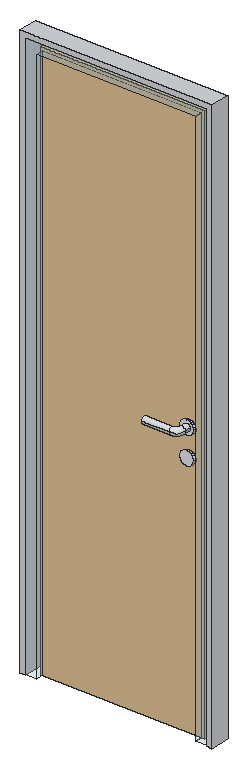
Revit family "AC_Дверь_Однопольная_Деревянная", category Двери, Revit 2019
Family settings
  Основа = Стена
  Номер OmniClass = 23.30.10.00
  Заголовок OmniClass = Doors
  Всегда вертикально = Да
  При загрузке вырезать с полостями = Нет
  Общий = Нет
  Точка расчета площади = Нет
Parameters (values of type "660х2080h")
  Функция = 1
  Угол плане 30 [instance] = yes
  Тип полотна двери = АС-Полотно : Глухое
  Ручка двери = none
  Рама двери_Ширина справа = 150 mm
  Рама двери_Ширина слева = 150 mm
  Рама двери_Ширина внизу = 300 mm
  Рама двери_Ширина вверху = 150 mm
  Рама двери = none
  Полотно_Ширина = Rough Width - Коробка_Ширина * 2  # 600 mm
  Полотно_Высота = Rough Height - Коробка_Ширина  # 2050 mm
  Откосы_Ширина [instance] = 30 mm
  ADSK_Обозначение = "ГОСТ 475-2016"
  Наличник двери = none
  Аналитическая конструкция = "<Нет>"
  ADSK_Этаж [instance] = ""
  ADSK_Примечание [instance] = ""
  ADSK_Позиция [instance] = ""
  ADSK_Наименование = "ДМ 1 Рп 21х7 Г ПрБ"
  Монтажный зазор_Сверху толщина [instance] = 20 mm
  Коробка_Ширина = 30 mm
  Коробка_Толщина = 70 mm
  Правая = yes
  Полотно двери = none
  Остекление двери = none
  Наличник_Ширина [instance] = 60 mm
  Наличник_Толщина [instance] = 10 mm
  Наличник снаружи [instance] = no
  Наличник внутри [instance] = no
  Монтажный зазор_Сбоку толщина [instance] = 20 mm
  Вставка_Глубина [instance] = 0 mm
  Левая = not(Правая)  # no
  Инструкция по семейству [instance] = ""
  Огибание наружных слоев [instance] = 0 mm
  Width [instance] = Rough Width + Монтажный зазор_Сбоку толщина * 2  # 700 mm
  Thickness = 40 mm
  Rough Width = 660 mm
  Rough Height = 2080 mm
  Model = ""
  Manufacturer = ""
  Wall Closure = (empty or 0)
  Height [instance] = Rough Height + Монтажный зазор_Сверху толщина  # 2100 mm
  Описание = "Дверь деревянная глухая межкомнатная"
  Тип конструкций = "Дверь деревянная"
  ADSK_Предел огнестойкости = ""
  ADSK_Открывание = if(Правая, "Правая", "Левая")  # "Правая"
  ADSK_Наименование краткое = ""
  ADSK_Масса_Текст = ""
  ADSK_Количество [instance] = 0
  ADSK_Код изделия = ""
  ADSK_Зона [instance] = ""
  ADSK_Завод-изготовитель = ""
  ADSK_Единица измерения = ""
  ADSK_Группирование [instance] = ""
  ADSK_Версия Revit = "v2019"  # constant formula
  ADSK_URL страницы изделия = ""
  ADSK_URL документации изделия = ""
Reference planes
  plane 1: y = 0
  plane 2 "По центру (Влево/Вправо)": x = 0
  plane 3 "Слева": x = -350
  plane 4 "Справа": x = 350
  plane 5: z = 2100
  plane 6 "Наружный": y = 50
  plane 7 "Внутренние": y = -50
  plane 8 "Вставка двери": y = 50
  plane 9 "Четверть сверху": z = 1950
  plane 10 "Полотно двери": y = 10
  plane 11 "Рама внутри": y = -20
  plane 12 "Монтажный зазор слева": x = -330
  plane 13 "Монтажный зазор справа": x = 330
  plane 14 "Монтажный зазор сверху": z = 2080
  plane 15 "Глубина огибания наружного слоя": y = 50
  plane 16: y = 60
  plane 17: y = -60
  plane 18: x = -300
  plane 19: x = 300
  plane 20: z = 1025
  plane 21 "Верх полотна": z = 2050
Forms (mm)
  Sweep 1, solid, material <- "Наличник двери", visible <- "Наличник снаружи", detail levels fine
    path origin (0, 50, 0) x (1, 0, 0) y (0, 0, 1)
      loop
        line (-350, 0) -> (-350, 2100) -> (350, 2100) -> (350, 0)
    profile origin (-350, 50, 1050) x (-1, 0, 0) y (0, -1, 0)
      loop
        line (-20, 0) -> (-20, -5)
        arc (-20, -5) -> (-18.536, -8.536) -> (-15, -10) r 5
        line (-15, -10) -> (35, -10)
        arc (35, -10) -> (38.536, -8.536) -> (40, -5) r 5
        line (40, -5) -> (40, 0) -> (-20, 0)
  Sweep 2, solid, material <- "Наличник двери", visible <- "Наличник внутри", detail levels fine
    path origin (0, -50, 0) x (1, 0, 0) y (0, 0, 1)
      loop
        line (-350, 0) -> (-350, 2100) -> (350, 2100) -> (350, 0)
    profile origin (-350, -50, 1050) x (-1, 0, 0) y (0, -1, 0)
      loop
        line (-20, 0) -> (40, 0) -> (40, 5)
        arc (40, 5) -> (38.536, 8.536) -> (35, 10) r 5
        line (35, 10) -> (-15, 10)
        arc (-15, 10) -> (-18.536, 8.536) -> (-20, 5) r 5
        line (-20, 5) -> (-20, 0)
  Sweep 3, solid, material <- "Рама двери", detail levels medium+fine
    path origin (0, 50, 0) x (-1, 0, 0) y (0, 0, 1)
      loop
        line (330, 0) -> (330, 2080) -> (-330, 2080) -> (-330, 0)
    profile origin (330, 50, 1040) x (0, 1, 0) y (-1, 0, 0)
      loop
        line (0, 0) -> (0, 30) -> (-40, 30) -> (-40, 40) -> (-70, 40) -> (-70, 0) -> (0, 0)
  Sweep 4, solid, material <- "Наличник двери", visible <- "Наличник внутри", detail levels fine
    path origin (0, -20, 0) x (-1, 0, 0) y (0, 0, 1)
      loop
        line (350, 0) -> (350, 2100) -> (-350, 2100) -> (-350, 0)
    profile origin (-350, -20, 1050) x (1, 0, 0) y (0, 1, 0)
      loop
        line (0, -35) -> (20, -35) -> (20, 0) -> (0, 0) -> (0, -35)
  Sweep 5, solid, material <- "Наличник двери", visible <- "Наличник снаружи", detail levels fine
    path origin (0, 50, 0) x (-1, 0, 0) y (0, 0, 1)
      loop
        line (350, 0) -> (350, 2100) -> (-350, 2100) -> (-350, 0)
    profile origin (350, 50, 1050) x (0, 1, 0) y (-1, 0, 0)
      loop
        line (5, 0) -> (5, 20) -> (0, 20) -> (0, 0) -> (5, 0)
  Extrusion 6, solid, material <- "Рама двери", detail levels medium+fine
    sketch origin (-2514.822, 50, 1200) x (-1, 0, 0) y (0, 0, 1)
      loop
        line (-2864.822, 900) -> (-2864.822, -1200) -> (-2844.822, -1200) -> (-2844.822, 880) -> (-2184.822, 880) -> (-2184.822, -1200) -> (-2164.822, -1200) -> (-2164.822, 900) -> (-2864.822, 900)
    from 0 to -70
  Extrusion 7, solid, material <- "Полотно двери", detail levels coarse
    sketch origin (0, 0, 0) x (1, 0, 0) y (0, 1, 0)
      loop
        line (-350, 50) -> (-350, -20) -> (350, -20) -> (350, 50) -> (-350, 50)
    from 0 to 2100
Cuts and joins
  joined: Sweep 2, Sweep 4
  joined: Sweep 1, Sweep 5
Lines and regions (mm)
  Masking region 1, detail levels fine
    outline origin (0, 0, 0) x (0, 1, 0) y (0, 0, 1)
      loop
        line (-20, 2040) -> (10, 2040) -> (10, 2050) -> (50, 2050) -> (50, 2080) -> (-20, 2080) -> (-20, 2040)
  Masking region 2, detail levels fine
    outline origin (0, 0, 0) x (0, 1, 0) y (0, 0, 1)
      loop
        line (50, 2080) -> (50, 2100) -> (-20, 2100) -> (-20, 2080) -> (50, 2080)
  Masking region 3, detail levels fine
    outline origin (0, 0, 0) x (0, 1, 0) y (0, 0, 1)
      loop
        line (50, 0) -> (50, 2050) -> (10, 2050) -> (10, 0) -> (50, 0)
  Masking region 4, detail levels fine
    outline origin (0, 0, 0) x (0, 1, 0) y (0, 0, 1)
      loop
        line (-20, 2040) -> (-20, 0) -> (10, 0) -> (10, 2040) -> (-20, 2040)
  Masking region 5, detail levels coarse+medium
    outline origin (0, 0, 0) x (0, 1, 0) y (0, 0, 1)
      loop
        line (50, 0) -> (50, 2100) -> (-20, 2100) -> (-20, 0) -> (50, 0)
  Opening 1
    outline origin (-5000, -50, 0) x (1, 0, 0) y (0, 0, 1)
      loop
        line (5350, 2100) -> (4650, 2100) -> (4650, 0) -> (5350, 0) -> (5350, 2100)
  symbolic lines, style "Открывание", visible <- "Правая", detail levels medium
    curve 1: line (-300, 50, 0) -> (300, 50, 1025)
    curve 2: line (300, 50, 1025) -> (-300, 50, 2050)
  symbolic lines, style "Открывание", visible <- "Левая", detail levels medium
    curve 3: line (300, 50, 0) -> (-300, 50, 1025)
    curve 4: line (-300, 50, 1025) -> (300, 50, 2050)
Text (mm)
  text "Наружный" at (-2295.016, 1099.543, 0), in view "Опорный уровень "
  text "Наружный" at (0, 1615.38, 3698.081), in view "Слева"
  text "Наружный" at (0, 1036.032, 3874.932), in view "Справа"
Dimensions and locks
  equal spacing: plane 12 "Монтажный зазор слева", plane 2 "По центру (Влево/Вправо)", plane 13 "Монтажный зазор справа"
  "Width": plane 3 "Слева" to plane 4 "Справа"
  "Rough Height": host wall to plane 14 "Монтажный зазор сверху"
  "Height": host wall to plane 5
  locked: plane 6 "Наружный" to host wall at 0
  locked: plane 7 "Внутренние" to host wall
  plane 9 "Четверть сверху" to plane 5 = 150 mm
  "Вставка_Глубина": plane 6 "Наружный" to plane 8 "Вставка двери"
  "Коробка_Толщина": plane 8 "Вставка двери" to plane 11 "Рама внутри"
  "Thickness": plane 8 "Вставка двери" to plane 10 "Полотно двери"
  "Огибание наружных слоев": plane 6 "Наружный" to plane 15 "Глубина огибания наружного слоя"
  "Наличник_Ширина": Sweep 2 sketch curve to Sweep 2 sketch curve
  locked: Sweep 2 sketch curve to Sweep 2 sketch curve at 5  (x4)
  locked: Sweep 1 sketch curve to Sweep 1 sketch curve at 5
  "Коробка_Ширина": Sweep 3 sketch curve to profile plane
  locked: Sweep 3 sketch curve to Sweep 3 sketch curve at 10
  locked: Sweep 4 sketch curve to plane 17 at 5
  "Наличник_Толщина": plane 7 "Внутренние" to plane 17
  "Наличник_Толщина": plane 16 to plane 6 "Наружный"
  locked: plane 16 to Sweep 1 sketch curve at 5  (x2)
  locked: plane 16 to Sweep 5 sketch curve at 5
  "Откосы_Ширина": plane 7 "Внутренние" to plane 11 "Рама внутри"
  equal spacing: plane 3 "Слева", plane 2 "По центру (Влево/Вправо)", plane 4 "Справа"
  "Rough Width": plane 12 "Монтажный зазор слева" to plane 13 "Монтажный зазор справа"
  "Коробка_Ширина": plane 12 "Монтажный зазор слева" to plane 18
  "Коробка_Ширина": plane 19 to plane 13 "Монтажный зазор справа"
  equal spacing: level, plane 20, plane 21 "Верх полотна"
  "Коробка_Ширина": plane 21 "Верх полотна" to plane 14 "Монтажный зазор сверху"
  "Наличник_Ширина": Sweep 1 sketch curve to plane 12 "Монтажный зазор слева"
  locked: Sweep 1 sketch curve to plane 12 "Монтажный зазор слева" at 5
  aligned and locked: plane 1 to host wall
  aligned and locked: Sweep 2 sketch curve to plane 3 "Слева"
  aligned and locked: Sweep 2 sketch curve to plane 5
  aligned and locked: Sweep 2 sketch curve to plane 4 "Справа"
  aligned and locked: level to Sweep 2 sketch curve  (x2)
  aligned and locked: Sweep 2 sketch curve to plane 7 "Внутренние"
  aligned and locked: Sweep 3 sketch curve to plane 13 "Монтажный зазор справа"
  aligned and locked: Sweep 3 sketch curve to plane 14 "Монтажный зазор сверху"
  aligned and locked: Sweep 3 sketch curve to plane 12 "Монтажный зазор слева"
  aligned and locked: level to Sweep 3 sketch curve  (x2)
  aligned and locked: profile plane to Sweep 3 sketch curve
  aligned and locked: plane 11 "Рама внутри" to Sweep 3 sketch curve
  aligned and locked: plane 8 "Вставка двери" to Sweep 3 sketch curve
  aligned and locked: plane 10 "Полотно двери" to Sweep 3 sketch curve
  aligned and locked: Sweep 2 sketch curve to plane 12 "Монтажный зазор слева"
  aligned and locked: plane 3 "Слева" to Sweep 4 sketch curve
  aligned and locked: plane 5 to Sweep 4 sketch curve
  aligned and locked: plane 4 "Справа" to Sweep 4 sketch curve
  aligned and locked: level to Sweep 4 sketch curve  (x2)
  aligned and locked: Sweep 4 sketch curve to plane 3 "Слева"
  aligned and locked: Sweep 4 sketch curve to plane 12 "Монтажный зазор слева"
  aligned and locked: Sweep 4 sketch curve to plane 11 "Рама внутри"
  aligned and locked: profile plane to Sweep 1 sketch curve
  aligned and locked: level to Sweep 5 sketch curve  (x2)
  aligned and locked: plane 8 "Вставка двери" to Sweep 5 sketch curve
  aligned and locked: plane 17 to Sweep 2 sketch curve
  aligned and locked: plane 16 to Sweep 1 sketch curve
  aligned and locked: Masking region 1 sketch curve to Sweep 3  (x2)
  aligned and locked: plane 10 "Полотно двери" to Masking region 1 sketch curve
  aligned and locked: plane 11 "Рама внутри" to Masking region 1 sketch curve
  aligned and locked: plane 8 "Вставка двери" to Masking region 1 sketch curve
  aligned and locked: plane 14 "Монтажный зазор сверху" to Masking region 1 sketch curve
  aligned and locked: plane 8 "Вставка двери" to Masking region 2 sketch curve
  aligned and locked: plane 11 "Рама внутри" to Masking region 2 sketch curve
  aligned and locked: plane 14 "Монтажный зазор сверху" to Masking region 2 sketch curve
  aligned and locked: plane 5 to Masking region 2 sketch curve
  aligned and locked: plane 8 "Вставка двери" to Masking region 3 sketch curve
  aligned and locked: plane 10 "Полотно двери" to Masking region 3 sketch curve
  aligned and locked: level to Masking region 3 sketch curve
  aligned and locked: Masking region 3 sketch curve to Sweep 3
  aligned and locked: Masking region 4 sketch curve to Sweep 3
  aligned and locked: plane 11 "Рама внутри" to Masking region 4 sketch curve
  aligned and locked: plane 10 "Полотно двери" to Masking region 4 sketch curve
  aligned and locked: level to Masking region 4 sketch curve
  aligned and locked: plane 8 "Вставка двери" to Masking region 5 sketch curve
  aligned and locked: plane 11 "Рама внутри" to Masking region 5 sketch curve
  aligned and locked: plane 5 to Masking region 5 sketch curve
  aligned and locked: level to Masking region 5 sketch curve
  aligned and locked: Extrusion 6 sketch curve to plane 4 "Справа"
  aligned and locked: Extrusion 6 sketch curve to plane 3 "Слева"
  aligned and locked: Extrusion 6 sketch curve to plane 5
  aligned and locked: Extrusion 6 sketch curve to plane 14 "Монтажный зазор сверху"
  aligned and locked: Extrusion 6 sketch curve to plane 12 "Монтажный зазор слева"
  aligned and locked: Extrusion 6 sketch curve to plane 13 "Монтажный зазор справа"
  aligned and locked: Extrusion 6 sketch curve to level
  aligned and locked: Extrusion 6 to plane 11 "Рама внутри"
  aligned and locked: plane 8 "Вставка двери" to Extrusion 6
  aligned and locked: nested 1 to plane 8 "Вставка двери"
  aligned and locked: nested 1 to plane 3 "Слева"
  aligned and locked: nested 1 to plane 4 "Справа"
  aligned and locked: nested 2 to plane 4 "Справа"
  aligned and locked: nested 2 to plane 3 "Слева"
  aligned and locked: plane 8 "Вставка двери" to nested 2
  aligned and locked: nested 3 to plane 8 "Вставка двери"
  aligned and locked: nested 3 to plane 18
  aligned and locked: nested 3 to plane 19
  aligned and locked: nested 4 to plane 8 "Вставка двери"
  aligned and locked: nested 4 to plane 18
  aligned and locked: plane 8 "Вставка двери" to nested 5
  aligned and locked: nested 5 to plane 19
  aligned and locked: Extrusion 7 sketch curve to plane 8 "Вставка двери"
  aligned and locked: Extrusion 7 sketch curve to plane 11 "Рама внутри"
  aligned and locked: Extrusion 7 sketch curve to plane 4 "Справа"
  aligned and locked: Extrusion 7 sketch curve to plane 3 "Слева"
  aligned and locked: Extrusion 7 to level
  aligned and locked: Extrusion 7 to plane 5
  aligned and locked: curve 3 to Sweep 3
  aligned and locked: Sweep 3 to curve 1
  aligned and locked: plane 21 "Верх полотна" to curve 2
  aligned and locked: plane 21 "Верх полотна" to curve 4
  aligned and locked: plane 20 to curve 2
  aligned and locked: plane 20 to curve 4
  aligned and locked: level to curve 1
  aligned and locked: level to curve 3
  aligned and locked: plane 18 to curve 2
  aligned and locked: plane 19 to curve 4
  aligned and locked: plane 19 to curve 2
  aligned and locked: plane 18 to curve 4
  aligned and locked: plane 3 "Слева" to Sweep 1 sketch curve
  aligned and locked: plane 4 "Справа" to Sweep 1 sketch curve
  aligned and locked: plane 5 to Sweep 1 sketch curve
  aligned and locked: Sweep 1 sketch curve to plane 12 "Монтажный зазор слева"
  aligned and locked: Sweep 5 sketch curve to plane 3 "Слева"
  aligned and locked: Sweep 5 sketch curve to plane 4 "Справа"
  aligned and locked: plane 5 to Sweep 5 sketch curve
  aligned and locked: plane 4 "Справа" to Sweep 5 sketch curve
  aligned and locked: Sweep 5 sketch curve to plane 13 "Монтажный зазор справа"
  aligned and locked: plane 4 "Справа" to Opening 1 sketch curve
  aligned and locked: plane 3 "Слева" to Opening 1 sketch curve
  aligned and locked: plane 5 to Opening 1 sketch curve
  aligned and locked: level to Opening 1 sketch curve
Automatic sketch dimensions
  Sweep 1 sketch curve to level = 0 mm  (x2)
  Extrusion 6 sketch curve to level = 0 mm
Nested families
  nested 1: "АС-Однопольная-Обозначение на плане" at (0, 50, 0), Height <- "Height", Rough Width <- "Rough Width", Thickness <- "Thickness", Коробка.Толщина <- "Коробка_Толщина", Полотно.Ширина <- "Полотно_Ширина", visible <- "Левая", Width <- "Width", type "АС-Стандарт"
    with Полотно.Ширина 600 mm, Коробка.Толщина 70 mm, Width 700 mm, Thickness 40 mm, Rough Width 660 mm, Height 2100 mm, Открывание двери 90 no, Открывание двери 30 yes, Линия открывания (дуга) no
  nested 2: "АС-Однопольная-Обозначение на плане" at (0, 50, 0) x (-1, 0, 0) z (0, 0, 1), Height <- "Height", Rough Width <- "Rough Width", Thickness <- "Thickness", Коробка.Толщина <- "Коробка_Толщина", Полотно.Ширина <- "Полотно_Ширина", visible <- "Правая", Width <- "Width", type "АС-Стандарт"
    with Полотно.Ширина 600 mm, Коробка.Толщина 70 mm, Width 700 mm, Thickness 40 mm, Rough Width 660 mm, Height 2100 mm, Открывание двери 90 no, Открывание двери 30 yes, Линия открывания (дуга) no
  nested 3: "АС-Полотно" at (0, 50, 0), Рама.Ширина справа <- "Рама двери_Ширина справа", Рама.Ширина слева <- "Рама двери_Ширина слева", Рама.Ширина внизу <- "Рама двери_Ширина внизу", Рама.Ширина вверху <- "Рама двери_Ширина вверху", Полотно двери.Толщина <- "Thickness", Полотно двери.Высота <- "Полотно_Высота", Полотно двери.Ширина <- "Полотно_Ширина", type <- "Тип полотна двери", Фурнитура <- "Ручка двери", Полотно двери <- "Полотно двери", Остекление двери <- "Остекление двери", type "Глухое"
    with Фурнитура none, Рама.Ширина справа 150 mm, Рама.Ширина слева 150 mm, Рама.Ширина внизу 300 mm, Рама.Ширина вверху 150 mm, Полотно двери.Ширина 600 mm, Полотно двери.Толщина 40 mm, Полотно двери.Высота 2050 mm, Полотно двери none, Остекление двери none
  nested 4: "АС-Ручка двери" at (-300, 50, 0), Полотно двери.Толщина <- "Thickness", visible <- "Левая", Ручка двери <- "Ручка двери", type "АС-Стандарт"
    with Полотно двери.Толщина 40 mm, Отступ ручки от края 60 mm
  nested 5: "АС-Ручка двери" at (300, 50, 0) x (-1, 0, 0) z (0, 0, 1), Полотно двери.Толщина <- "Thickness", visible <- "Правая", Ручка двери <- "Ручка двери", type "АС-Стандарт"
    with Полотно двери.Толщина 40 mm, Отступ ручки от края 60 mm
Definition of nested family "АС-Полотно"
  Parameters
    Фурнитура [instance] = none
    Рама.Ширина справа [instance] = 50 mm
    Рама.Ширина слева [instance] = 50 mm
    Рама.Ширина внизу [instance] = 50 mm
    Рама.Ширина вверху [instance] = 50 mm
    Остекленное = not(Глухое)  # no
    Полотно двери.Ширина [instance] = 1000 mm
    Полотно двери.Толщина [instance] = 40 mm
    Полотно двери.Высота [instance] = 2100 mm
    Полотно двери [instance] = none
    Глухое = yes
    Остекление двери [instance] = none
    Default Elevation = 0 mm
  Reference planes
    plane 1 "Center (Front/Back)": y = 0
    plane 2: z = 0
    plane 3 "Center (Left/Right)": x = 0
    plane 4: x = -500
    plane 5: x = 500
    plane 6 "Back": y = -40
    plane 7: z = 2100
    plane 8 "Остекление снаружи": y = -8
    plane 9 "Остекление внутри": y = -32
    plane 10 "Ширина рамы справа": x = -450
    plane 11 "Ширина рамы слева": x = 450
    plane 12 "Ширина рамы внизу": z = 50
    plane 13 "Ширина рамы вверху": z = 2050
  Forms (mm)
    Extrusion 1, solid, material <- "Полотно двери", visible <- "Глухое", detail levels medium+fine
      sketch origin (0, 0, 0) x (1, 0, 0) y (0, 0, 1)
        loop
          line (-500, 2100) -> (-500, 0) -> (500, 0) -> (500, 2100) -> (-500, 2100)
      from 0 to 40 <- "Полотно двери.Толщина"
    Extrusion 2, solid, material <- "Полотно двери", visible <- "Остекленное", detail levels medium+fine
      sketch origin (0, 0, 0) x (1, 0, 0) y (0, 0, 1)
        loop
          line (-500, 2100) -> (-500, 0) -> (500, 0) -> (500, 2100) -> (-500, 2100)
        loop
          line (-450, 50) -> (450, 50) -> (450, 2050) -> (-450, 2050) -> (-450, 50)
      from 0 to 40
    Extrusion 3, solid, material <- "Остекление двери", visible <- "Остекленное", detail levels medium+fine
      sketch origin (-646.608, -8, 1200) x (-1, 0, 0) y (0, 0, 1)
        loop
          line (-196.608, 850) -> (-1096.608, 850) -> (-1096.608, -1150) -> (-196.608, -1150) -> (-196.608, 850)
      from 0 to -24
  Dimensions and locks
    "Полотно двери.Толщина": plane 1 "Center (Front/Back)" to plane 6 "Back"
    equal spacing: plane 4, plane 3 "Center (Left/Right)", plane 5
    "Полотно двери.Ширина": plane 4 to plane 5
    "Полотно двери.Высота": plane 7 to plane 2
    locked: plane 9 "Остекление внутри" to plane 6 "Back" at 8
    locked: plane 1 "Center (Front/Back)" to plane 8 "Остекление снаружи" at 8
    "Рама.Ширина вверху": plane 7 to plane 13 "Ширина рамы вверху"
    "Рама.Ширина внизу": plane 12 "Ширина рамы внизу" to plane 2
    "Рама.Ширина справа": plane 5 to plane 11 "Ширина рамы слева"
    "Рама.Ширина слева": plane 10 "Ширина рамы справа" to plane 4
    plane 7 to plane 2 = 2100 mm
    aligned and locked: level to plane 2
    aligned and locked: Extrusion 1 sketch curve to plane 7
    aligned and locked: plane 4 to Extrusion 1 sketch curve
    aligned and locked: plane 2 to Extrusion 1 sketch curve
    aligned and locked: Extrusion 1 sketch curve to plane 5
    aligned and locked: Extrusion 1 to plane 1 "Center (Front/Back)"
    aligned and locked: Extrusion 1 to plane 6 "Back"
    aligned and locked: Extrusion 2 sketch curve to plane 4
    aligned and locked: Extrusion 2 sketch curve to plane 5
    aligned and locked: Extrusion 2 sketch curve to plane 7
    aligned and locked: Extrusion 2 sketch curve to plane 2
    aligned and locked: Extrusion 2 sketch curve to plane 12 "Ширина рамы внизу"
    aligned and locked: Extrusion 2 sketch curve to plane 10 "Ширина рамы справа"
    aligned and locked: Extrusion 2 sketch curve to plane 11 "Ширина рамы слева"
    aligned and locked: Extrusion 2 sketch curve to plane 13 "Ширина рамы вверху"
    aligned and locked: Extrusion 2 to plane 1 "Center (Front/Back)"
    aligned and locked: Extrusion 2 to plane 6 "Back"
    aligned and locked: plane 10 "Ширина рамы справа" to Extrusion 3 sketch curve
    aligned and locked: plane 11 "Ширина рамы слева" to Extrusion 3 sketch curve
    aligned and locked: plane 13 "Ширина рамы вверху" to Extrusion 3 sketch curve
    aligned and locked: plane 12 "Ширина рамы внизу" to Extrusion 3 sketch curve
    aligned and locked: Extrusion 3 to plane 8 "Остекление снаружи"
    aligned and locked: Extrusion 3 to plane 9 "Остекление внутри"
    aligned and locked: plane 7 to Extrusion 2
    aligned and locked: plane 4 to Extrusion 2
Definition of nested family "АС-Ручка двери"
  Parameters
    Ручка двери [instance] = none
    Полотно двери.Толщина [instance] = 40 mm
    Отступ ручки от края = 100 mm
    Высота расположения ручки = 1000 mm
    Default Elevation = 0 mm
  Reference planes
    plane 1 "Наружная сторона полотна": y = 0
    plane 2: z = 0
    plane 3 "Край полотна": x = 0
    plane 4 "Вертикаль расположения": x = 100
    plane 5 "Горизонталь расположения": z = 1000
    plane 6 "Внутренняя сторона полотна": y = -40
  Forms (mm)
    Sweep 1, solid, material <- "Ручка двери", detail levels fine
      path origin (0, 0, 1000) x (1, 0, 0) y (0, 1, 0)
        loop
          line (220, 50) -> (120, 50)
          arc (120, 50) -> (105.858, 44.142) -> (100, 30) r 20
          line (100, 30) -> (100, -70)
          arc (100, -70) -> (105.858, -84.142) -> (120, -90) r 20
          line (120, -90) -> (220, -90)
      profile origin (100, -20, 1000) x (1, 0, 0) y (0, 0, 1)
        loop
          circle (0, 0) r 12
    Extrusion 2, solid, material <- "Ручка двери", detail levels fine
      sketch origin (155, 0, 0) x (1, 0, 0) y (0, 0, 1)
        loop
          circle (-55, 1000) r 25
      from 48 to -8
    Extrusion 3, solid, material <- "Ручка двери", detail levels fine
      sketch origin (0, 0, 0) x (1, 0, 0) y (0, 0, 1)
        loop
          circle (100, 900) r 25
      from 48 to -8
  Cuts and joins
    joined: Sweep 1, Extrusion 2
  Dimensions and locks
    "Отступ ручки от края": plane 3 "Край полотна" to plane 4 "Вертикаль расположения"
    "Высота расположения ручки": plane 5 "Горизонталь расположения" to level
    "Полотно двери.Толщина": plane 1 "Наружная сторона полотна" to plane 6 "Внутренняя сторона полотна"
    locked: plane 1 "Наружная сторона полотна" to Extrusion 3 at 8
    locked: plane 1 "Наружная сторона полотна" to Extrusion 2 at 8
    locked: plane 6 "Внутренняя сторона полотна" to Extrusion 3 at 8
    locked: plane 6 "Внутренняя сторона полотна" to Extrusion 2 at 8
    locked: plane 4 "Вертикаль расположения" to Extrusion 2 sketch curve at 0
    locked: plane 5 "Горизонталь расположения" to Extrusion 2 sketch curve at 0
    locked: Extrusion 3 sketch curve to plane 5 "Горизонталь расположения" at 100
    locked: Extrusion 3 sketch curve to plane 4 "Вертикаль расположения"
    locked: plane 1 "Наружная сторона полотна" to Sweep 1 sketch curve at 50
    locked: plane 6 "Внутренняя сторона полотна" to Sweep 1 sketch curve at 50
    locked: plane 4 "Вертикаль расположения" to Sweep 1 sketch curve at 120  (x2)
    locked: Sweep 1 sketch curve to plane 5 "Горизонталь расположения"
    locked: plane 4 "Вертикаль расположения" to Sweep 1 sketch curve at 0
    aligned and locked: Sweep 1 sketch curve to plane 4 "Вертикаль расположения"
  Automatic sketch dimensions
    plane 4 "Вертикаль расположения" to Sweep 1 sketch curve = 20 mm  (x2)
    radius of Sweep 1 sketch curve = 12 mm
    radius of Extrusion 2 sketch curve = 25 mm
    radius of Extrusion 3 sketch curve = 25 mm
Definition of nested family "АС-Однопольная-Обозначение на плане"
  Parameters
    Полотно.Ширина [instance] = 900 mm
    Открывание двери 90 = not(Открывание двери 30)  # yes
    Открывание двери 30 = no
    Линия открывания (дуга) = not(Открывание двери 30)  # yes
    Коробка.Толщина [instance] = 80 mm
    Width [instance] = 1000 mm
    Thickness [instance] = 40 mm
    Rough Width [instance] = 960 mm
    Height [instance] = 2100 mm
    Default Elevation = 0 mm
  Reference planes
    plane 1 "Center (Front/Back)": y = 0
    plane 2: z = 0
    plane 3 "Center (Left/Right)": x = 0
    plane 4 "Полотно.Слева": x = -480
    plane 5 "Полотно справа": x = 480
    plane 6 "Проем.Слева": x = -500
    plane 7 "Проем.Справа": x = 500
    plane 8 "Полотно. Внутренняя сторона": y = -40
    plane 9 "Коробка. Внутренняя сторона": y = -80
    plane 10 "Коробка.Внутренняя сторона слева": x = -450
    plane 11 "Коробка. Внутренняя сторона справа": x = 450
  Lines and regions (mm)
    Masking region 1, detail levels fine
      outline origin (0, 0, 0) x (1, 0, 0) y (0, 1, 0)
        loop
          line (-500, -80) -> (-480, -80) -> (-480, 0) -> (-500, 0) -> (-500, -80)
    Masking region 2, detail levels fine
      outline origin (0, 0, 0) x (1, 0, 0) y (0, 1, 0)
        loop
          line (500, -80) -> (500, 0) -> (480, 0) -> (480, -80) -> (500, -80)
    Masking region 3, detail levels fine
      outline origin (0, 0, 0) x (1, 0, 0) y (0, 1, 0)
        loop
          line (-480, 0) -> (-480, -80) -> (-440, -80) -> (-440, -40) -> (-450, -40) -> (-450, 0) -> (-480, 0)
    Masking region 4, detail levels fine
      outline origin (0, 0, 0) x (1, 0, 0) y (0, 1, 0)
        loop
          line (480, 0) -> (450, 0) -> (450, -40) -> (440, -40) -> (440, -80) -> (480, -80) -> (480, 0)
    Masking region 5, visible <- "Открывание двери 90", detail levels fine
      outline origin (0, 0, 0) x (1, 0, 0) y (0, 1, 0)
        loop
          line (450, 0) -> (450, 900) -> (410, 900) -> (410, 0) -> (450, 0)
    Masking region 6, visible <- "Открывание двери 30", detail levels fine
      outline origin (0, 0, 0) x (1, 0, 0) y (0, 1, 0)
        loop
          line (450, 0) -> (-329.423, 450) -> (-349.423, 415.359) -> (430, -34.641) -> (450, 0)
    symbolic lines, visible <- "Открывание двери 30", detail levels coarse+medium
      curve 1: line (500, 0, 0) -> (-366.025, 500, 0)
    symbolic lines, visible <- "Открывание двери 90", detail levels coarse+medium
      curve 2: line (500, 0, 0) -> (500, 1000, 0)
    symbolic lines, visible <- "Линия открывания (дуга)", detail levels coarse+medium
      curve 3: arc (500, 1000, 0) -> (-207.107, 707.107, 0) -> (-500, 0, 0) r 1000
    symbolic lines, visible <- "Линия открывания (дуга)", detail levels fine
      curve 4: arc (-450, 0, 0) -> (-186.396, 636.396, 0) -> (450, 900, 0) r 900
    model lines
      curve 5: line (0, 0, 0) -> (0, 0, 2100)
  Dimensions and locks
    "Thickness": plane 1 "Center (Front/Back)" to plane 8 "Полотно. Внутренняя сторона"
    equal spacing: plane 4 "Полотно.Слева", plane 3 "Center (Left/Right)", plane 5 "Полотно справа"
    equal spacing: plane 6 "Проем.Слева", plane 3 "Center (Left/Right)", plane 7 "Проем.Справа"
    "Width": plane 6 "Проем.Слева" to plane 7 "Проем.Справа"
    "Rough Width": plane 4 "Полотно.Слева" to plane 5 "Полотно справа"
    plane 1 "Center (Front/Back)" to plane 9 "Коробка. Внутренняя сторона" = 80 mm
    "Коробка.Толщина": plane 9 "Коробка. Внутренняя сторона" to plane 1 "Center (Front/Back)"
    equal spacing: plane 10 "Коробка.Внутренняя сторона слева", plane 3 "Center (Left/Right)", plane 11 "Коробка. Внутренняя сторона справа"
    "Полотно.Ширина": plane 10 "Коробка.Внутренняя сторона слева" to plane 11 "Коробка. Внутренняя сторона справа"
    "Width": curve 1 to curve 1
    "Width": plane 1 "Center (Front/Back)" to curve 2
    locked: plane 10 "Коробка.Внутренняя сторона слева" to Masking region 3 sketch curve at 10
    locked: Masking region 4 sketch curve to Masking region 4 sketch curve at 10
    "Полотно.Ширина": plane 1 "Center (Front/Back)" to Masking region 5 sketch curve
    "Thickness": Masking region 5 sketch curve to plane 11 "Коробка. Внутренняя сторона справа"
    "Полотно.Ширина": Masking region 6 sketch curve to Masking region 6 sketch curve
    "Thickness": Masking region 6 sketch curve to Masking region 6 sketch curve
    "Height": curve 5 to level
    "Width": radius of curve 3
    "Полотно.Ширина": radius of curve 4
    locked: curve 1 to plane 1 "Center (Front/Back)" (angle 30.00°)
    locked: Masking region 6 sketch curve to plane 1 "Center (Front/Back)" (angle 30.00°)
    aligned and locked: level to plane 2
    aligned and locked: plane 7 "Проем.Справа" to curve 2
    aligned and locked: plane 1 "Center (Front/Back)" to curve 2
    aligned and locked: Masking region 1 sketch curve to plane 9 "Коробка. Внутренняя сторона"
    aligned and locked: plane 6 "Проем.Слева" to Masking region 1 sketch curve
    aligned and locked: Masking region 1 sketch curve to plane 1 "Center (Front/Back)"
    aligned and locked: plane 4 "Полотно.Слева" to Masking region 1 sketch curve
    aligned and locked: plane 9 "Коробка. Внутренняя сторона" to Masking region 2 sketch curve
    aligned and locked: Masking region 2 sketch curve to plane 7 "Проем.Справа"
    aligned and locked: plane 1 "Center (Front/Back)" to Masking region 2 sketch curve
    aligned and locked: plane 5 "Полотно справа" to Masking region 2 sketch curve
    aligned and locked: Masking region 3 sketch curve to plane 4 "Полотно.Слева"
    aligned and locked: Masking region 3 sketch curve to plane 10 "Коробка.Внутренняя сторона слева"
    aligned and locked: Masking region 3 sketch curve to plane 1 "Center (Front/Back)"
    aligned and locked: Masking region 3 sketch curve to plane 9 "Коробка. Внутренняя сторона"
    aligned and locked: Masking region 3 sketch curve to plane 8 "Полотно. Внутренняя сторона"
    aligned and locked: Masking region 4 sketch curve to plane 5 "Полотно справа"
    aligned and locked: Masking region 4 sketch curve to plane 11 "Коробка. Внутренняя сторона справа"
    aligned and locked: Masking region 4 sketch curve to plane 9 "Коробка. Внутренняя сторона"
    aligned and locked: Masking region 4 sketch curve to plane 8 "Полотно. Внутренняя сторона"
    aligned and locked: Masking region 4 sketch curve to plane 1 "Center (Front/Back)"
    aligned and locked: curve 4 to Masking region 3
    aligned and locked: plane 11 "Коробка. Внутренняя сторона справа" to curve 4
    aligned and locked: Masking region 4 to Masking region 5 sketch curve
    aligned and locked: Masking region 5 sketch curve to Masking region 4
    aligned and locked: plane 11 "Коробка. Внутренняя сторона справа" to Masking region 6 sketch curve
    aligned and locked: plane 2 to curve 5
    aligned and locked: plane 3 "Center (Left/Right)" to curve 5
  Automatic sketch dimensions
    plane 1 "Center (Front/Back)" to Masking region 6 sketch curve = 0 mm
